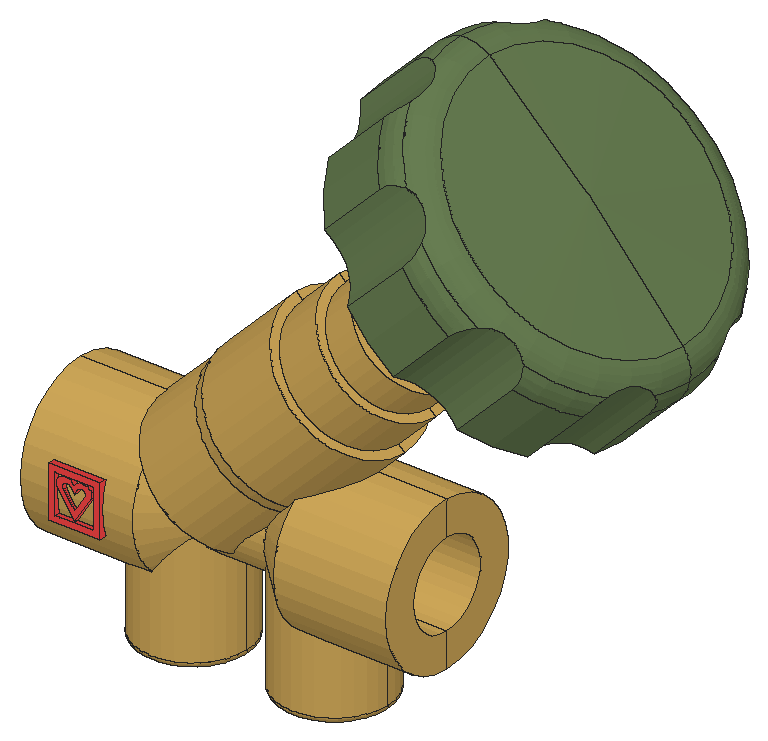
Revit family "HERZ Strömax 4125 WD", category Rohrzubehör, Revit 2018
Family settings
  Bemaßung runder Anschluss = Durchmesser verwenden
  Teiletyp = Unterbricht
  OmniClass-Nummer = 23.65.55.14
  OmniClass-Titel = Valves for Liquid Services
  Arbeitsebenenbasiert = Nein
  Immer vertikal = Ja
  Beim Laden mit Abzugskörper schneiden = Nein
  Gemeinsam genutzt = Nein
Parameters
  W01 = 45.00°  # constant formula
  URL = "www.herzvalves.com"
  Technically possible use = " "  # constant formula
  Spindle = "forged brass CW617N"  # constant formula
  SW01 = 60.00°  # constant formula
  SC_NennweiteBerechnet = 0
  SC_Dimension = ""
  SCTWSEQ = "FW_SBT_TYP_FW=\"109\";2"
  SCTWCODE = "04;00;02"  # constant formula
  S03 = 60 mm  # constant formula
  S02 [instance] = L06 + L09 + L12 + L15  # 77.9 mm
  S01 [instance] = R01 * 2  # 27 mm
  R12 [instance] = R01 - 1 mm  # 12.5 mm
  R11 [instance] = size_lookup("4125WD_", "R11", 46.5 mm, Nennweite)  # 5.1 mm
  R100 = 1 mm  # constant formula
  R10 [instance] = size_lookup("4125WD_", "R10", 46.5 mm, Nennweite)  # 8 mm
  R09 [instance] = size_lookup("4125WD_", "R9", 46.5 mm, Nennweite)  # 10.5 mm
  R08 [instance] = size_lookup("4125WD_", "R8", 46.5 mm, Nennweite)  # 12 mm
  R07 [instance] = size_lookup("4125WD_", "R7", 46.5 mm, Nennweite)  # 13.5 mm
  R06 [instance] = size_lookup("4125WD_", "R6", 43 mm, Nennweite)  # 13 mm
  R05 [instance] = Nennweite / 2  # 7.5 mm
  R03 = 9.5 mm  # constant formula
  R02 [instance] = Nennweite / 2  # 7.5 mm
  R01 [instance] = size_lookup("4125WD_", "R1", 11.5 mm, Nennweite)  # 13.5 mm
  Upper part = "DZR brass CW626N"  # constant formula
  Part number [instance] = size_lookup("4125WD_", "Artnr", 0, Nennweite)  # 2412561
  Note = "Pursuant to Article 33 of the REACH Regulation (EC No. 1907/2006), we are obliged to point out that the material lead is listed on the SVHC list and that all brass components manufactured in our products exceed 0.1% (w / w) lead (CAS: 7439-92-1 / EINECS: 231-100-4).\r\nSince lead is a component part of an alloy, actual exposure is not possible and therefore no additional information on safe use is necessary."
  Nennweite [instance] = 15 mm
  Min. flow at Dp 10 kPa [instance] = if(Nennweite = 15 mm, 0.5 L/s, if(Nennweite = 20 mm, 1.0 L/s, if(Nennweite = 25 mm, 1.75 L/s, if(Nennweite = 32 mm, 3.0 L/s, if(Nennweite = 40 mm, 4.0 L/s, if(Nennweite = 50 mm, 6.75 L/s, if(Nennweite = 65 mm, 11.0 L/s, if(Nennweite = 80 mm, 16.0 L/s, 0.0 L/s))))))))  # 0.5 L/s
  Medium = "Water"  # constant formula
  Max. service temperature (ÖVGW) = 65 °C  # constant formula
  Max. operating temperature = 80 °C  # constant formula
  Max. operating pressure = 2000000.0 Pa  # constant formula
  Max. differential pressure on closed seat = 1000000.0 Pa  # constant formula
  Max. operating pressure (ÖVGW) = 1000000.0 Pa  # constant formula
  L16 [instance] = L01 / 2  # 10 mm
  L15 [instance] = size_lookup("4125WD_", "L15", 12.4 mm, Nennweite)  # 12.4 mm
  L14 [instance] = size_lookup("4125WD_", "L14", 81 mm, Nennweite)  # 6 mm
  L12 [instance] = size_lookup("4125WD_", "L12", 81 mm, Nennweite)  # 26 mm
  L11 [instance] = size_lookup("4125WD_", "L11", 60 mm, Nennweite)  # 6.7 mm
  L10 [instance] = size_lookup("4125WD_", "L10", 20 mm, Nennweite)  # 9.3 mm
  L09 [instance] = size_lookup("4125WD_", "L9", 11 mm, Nennweite)  # 17 mm
  L08 [instance] = size_lookup("4125WD_", "L8", 35 mm, Nennweite)  # 20 mm
  L07 [instance] = size_lookup("4125WD_", "L7", 35 mm, Nennweite)  # 12.5 mm
  L06 [instance] = size_lookup("4125WD_", "L6", 118 mm, Nennweite) - L09  # 22.5 mm
  L03 = 15 mm  # constant formula
  L02 [instance] = size_lookup("4125WD_", "L2", 22 mm, Nennweite)  # 6 mm
  L01 [instance] = size_lookup("4125WD_", "L1", 48 mm, Nennweite)  # 20 mm
  L00 [instance] = size_lookup("4125WD_", "L", 180 mm, Nennweite)  # 65 mm
  Plug = "DZR brass CW626N"  # constant formula
  Hersteller = "HERZ Armaturen Ges.m.b.H."  # constant formula
  Hand wheel = "plastic, green"  # constant formula
  H01 [instance] = size_lookup("4125WD_", "H1", 53 mm, Nennweite)  # 24 mm
  Occasional temperature rises = "up to 95°C, if they do not last longer than 1 h"  # constant formula
  Seals = "EPDM"  # constant formula
  DN80 [instance] = Nennweite = 80 mm  # no
  DN65 [instance] = Nennweite = 65 mm  # no
  DN50 [instance] = Nennweite = 50 mm  # no
  DN40 [instance] = Nennweite = 40 mm  # no
  DN32 [instance] = Nennweite = 32 mm  # no
  DN25 [instance] = Nennweite = 25 mm  # no
  DN20 [instance] = Nennweite = 20 mm  # no
  DN15 [instance] = Nennweite = 15 mm  # yes
  Body = "DZR brass CC770S"  # constant formula
  Application = "For shutting off drinking water pipes in buildings."
Reference planes
  plane 1 "Mitte (Vorne/hinten)": y = 0
  plane 2: z = 0
  plane 3 "Mitte (Links/rechts)": x = 0
Forms (mm)
  Revolve 1, solid, material "Messing, weicher Gelbton, geschweißt", detail levels fine
    sketch origin (470, 0, 0) x (1, 0, 0) y (0, 0, 1)
      loop
        line (-502.5, 7.5) -> (-487.5, 7.5) -> (-487.5, 0) -> (-452.5, 0) -> (-452.5, 7.5) -> (-437.5, 7.5) -> (-437.5, 13.5) -> (-457.5, 13.5) -> (-464, 7.5) -> (-476, 7.5) -> (-482.5, 13.5) -> (-502.5, 13.5) -> (-502.5, 7.5)
      axis (-502.5, 0) -> (-437.5, 0)
    angle from 0 to 360
  Revolve 2, solid, material "Messing, weicher Gelbton, geschweißt", detail levels fine
    sketch origin (470, 0, 0) x (1, 0, 0) y (0, 0, 1)
      loop
        line (-492, 0) -> (-492, -23)
        arc (-492, -23) -> (-491.707, -23.707) -> (-491, -24) r 1
        line (-491, -24) -> (-482.5, -24) -> (-482.5, 0) -> (-492, 0)
      axis (-482.5, 0) -> (-482.5, -24)
    angle from 0 to 360
  Revolve 3, solid, material "Messing, weicher Gelbton, geschweißt", detail levels fine
    sketch origin (-470, 0, 0) x (-1, 0, 0) y (0, 0, 1)
      loop
        line (-492, 0) -> (-492, -23)
        arc (-492, -23) -> (-491.707, -23.707) -> (-491, -24) r 1
        line (-491, -24) -> (-482.5, -24) -> (-482.5, 0) -> (-492, 0)
      axis (-482.5, 0) -> (-482.5, -24)
    angle from 0 to 360
  Revolve 4, solid, material "Messing, weicher Gelbton, geschweißt", detail levels fine
    sketch origin (0.32, 0, -0.105) x (1, 0, 0) y (0, 0, 1)
      loop
        line (-12.82, 0) -> (42.264, 55.084) -> (38.657, 58.69) -> (29.889, 49.922) -> (27.839, 51.972) -> (20.767, 44.901) -> (19, 46.669) -> (14.262, 41.931) -> (13.201, 42.992) -> (6.625, 36.416) -> (5.565, 37.477) -> (-6.456, 25.456) -> (-7.87, 23.335) -> (-17.77, 13.435) -> (-18.123, 5.303) -> (-12.82, 0)
      axis (-12.82, 0) -> (42.264, 55.084)
    angle from 0 to 360
Lines and regions (mm)
  model lines, detail levels coarse+medium
    curve 1: line (-32.5, 0, 13.5) -> (-32.5, 0, -13.5)
    curve 2: line (-32.5, 0, -13.5) -> (32.5, 0, 13.5)
    curve 3: line (32.5, 0, 13.5) -> (32.5, 0, -13.5)
    curve 4: line (32.5, 0, -13.5) -> (-32.5, 0, 13.5)
    curve 5: line (0, 0, 0) -> (38.95, 0, 67.463)
    curve 6: line (12.969, 0, 82.463) -> (64.931, 0, 52.463)
    curve 7: line (-32.5, 13.5, 0) -> (-32.5, -13.5, 0)
    curve 8: line (-32.5, -13.5, 0) -> (32.5, 13.5, 0)
    curve 9: line (32.5, 13.5, 0) -> (32.5, -13.5, 0)
    curve 10: line (32.5, -13.5, 0) -> (-32.5, 13.5, 0)
    curve 11: line (0, 0, 0) -> (38.95, 67.463, 0)
    curve 12: line (12.969, 82.463, 0) -> (64.931, 52.463, 0)
Dimensions and locks
  "H01": plane 2 to Revolve 2 sketch curve
  "L00": Revolve 1 sketch curve to Revolve 1 sketch curve
  equal spacing: Revolve 1 sketch curve, plane 3 "Mitte (Links/rechts)", Revolve 1 sketch curve
  "R01": Revolve 1 sketch curve to Revolve 1 sketch curve  (x2)
  "R02": Revolve 1 sketch curve to Revolve 1 sketch curve  (x3)
  "L01": Revolve 1 sketch curve to Revolve 1 sketch curve  (x2)
  "L02": plane 3 "Mitte (Links/rechts)" to Revolve 1 sketch curve
  "L02": Revolve 1 sketch curve to plane 3 "Mitte (Links/rechts)"
  "L03": Revolve 1 sketch curve to Revolve 1 sketch curve  (x2)
  "L01": Revolve 1 to Revolve 2 sketch curve
  "R03": Revolve 2 sketch curve to Revolve 2 sketch curve
  "L01": Revolve 3 sketch curve to Revolve 1
  "R03": Revolve 3 sketch curve to Revolve 3 sketch curve
  "H01": plane 2 to Revolve 3 sketch curve
  "R07": Revolve 4 sketch curve to Revolve 4 sketch curve
  "L07": plane 3 "Mitte (Links/rechts)" to Revolve 4 sketch curve
  "R05": Revolve 4 sketch curve to Revolve 4 sketch curve
  "L06": Revolve 4 sketch curve to Revolve 4 sketch curve
  "L08": Revolve 4 sketch curve to Revolve 4 sketch curve
  "R06": Revolve 4 sketch curve to Revolve 4 sketch curve
  "L14": Revolve 4 sketch curve to Revolve 4 sketch curve
  "L09": Revolve 4 sketch curve to Revolve 4 sketch curve
  "R08": Revolve 4 sketch curve to Revolve 4 sketch curve
  "L10": Revolve 4 sketch curve to Revolve 4 sketch curve
  "R09": Revolve 4 sketch curve to Revolve 4 sketch curve
  "R10": Revolve 4 sketch curve to Revolve 4 sketch curve
  "L12": Revolve 4 sketch curve to Revolve 4 sketch curve
  "R11": Revolve 4 sketch curve to Revolve 4 sketch curve
  "L15": Revolve 4 sketch curve to Revolve 4 sketch curve
  "L11": Revolve 4 sketch curve to Revolve 4 sketch curve
  "R12": nested 9 to plane 1 "Mitte (Vorne/hinten)"
  "L16": Revolve 1 to nested 9
  equal spacing: curve 1, plane 3 "Mitte (Links/rechts)", curve 3
  "L00": curve 1 to curve 3
  equal spacing: curve 4, plane 2, curve 2
  "S01": curve 4 to curve 2
  equal spacing: curve 3, plane 2, curve 4
  "S01": curve 3 to curve 4
  "S02": curve 5 to curve 5
  equal spacing: curve 6, curve 5, curve 6
  "S03": curve 6 to curve 6
  equal spacing: curve 7, plane 3 "Mitte (Links/rechts)", curve 9
  "L00": curve 7 to curve 9
  equal spacing: curve 8, plane 1 "Mitte (Vorne/hinten)", curve 10
  "S01": curve 10 to curve 8
  equal spacing: curve 10, plane 1 "Mitte (Vorne/hinten)", curve 9
  "S01": curve 9 to curve 10
  "S02": curve 11 to curve 11
  equal spacing: curve 12, curve 11, curve 12
  "S03": curve 12 to curve 12
  "R100": radius of Revolve 2 sketch curve
  "R100": radius of Revolve 3 sketch curve
  "W01": angle plane 2 to Revolve 4 sketch curve
  "W01": angle level to Revolve 4 sketch curve
  "SW01": angle plane 2 to curve 5
  "SW01": angle plane 1 "Mitte (Vorne/hinten)" to curve 11
  aligned and locked: level to plane 2
Automatic sketch dimensions
  curve 5 to level = 0 mm
  plane 1 "Mitte (Vorne/hinten)" to curve 11 = 0 mm
  Revolve 1 sketch curve to level = 0 mm  (x2)
  Revolve 1 sketch curve to Revolve 1 sketch curve = 791.99 mm
  Revolve 1 sketch curve to Revolve 1 sketch curve = 2278.983 mm
  Revolve 2 sketch curve to level = 0 mm  (x2)
  Revolve 2 sketch curve to Revolve 2 sketch curve = 0 mm
  Revolve 2 sketch curve to Revolve 2 sketch curve = 0.292 mm
  Revolve 3 sketch curve to level = 0 mm  (x2)
  Revolve 3 sketch curve to Revolve 3 sketch curve = 0 mm
  Revolve 3 sketch curve to Revolve 3 sketch curve = 0.292 mm
  Revolve 4 sketch curve to level = 0.105 mm
  Revolve 4 sketch curve to Revolve 4 sketch curve = 0 mm  (x2)
Nested families
  nested 1: "Strömax-Handrad_Schrägsitz (Grün)" at (42.584, 0, 54.979), visible <- "DN15", type "Strömax-Handrad_Schrägsitz (Grün)", detail levels fine
    with Nennweite 0 mm, Gewicht 0.00 kg, Bestellnummer 0
  nested 2: "Strömax-Handrad_Schrägsitz (Grün)" at (54.312, 0, 67.707), visible <- "DN20", type "Strömax-Handrad_Schrägsitz (Grün)", detail levels fine
    with Nennweite 0 mm, Gewicht 0.00 kg, Bestellnummer 0
  nested 3: "Strömax-Handrad_Schrägsitz (Grün)" at (62.469, 0, 80.364), visible <- "DN25", type "Strömax-Handrad_Schrägsitz (Grün)", detail levels fine
    with Nennweite 0 mm, Gewicht 0.00 kg, Bestellnummer 0
  nested 4: "Strömax-Handrad_Schrägsitz (Grün)" at (71.712, 0, 91.607), visible <- "DN32", type "Strömax-Handrad_Schrägsitz (Grün)", detail levels fine
    with Nennweite 0 mm, Gewicht 0.00 kg, Bestellnummer 0
  nested 5: "Strömax-Handrad_Schrägsitz (Grün)" at (80.399, 0, 101.294), visible <- "DN40", type "Strömax-Handrad_Schrägsitz (Grün)", detail levels fine
    with Nennweite 0 mm, Gewicht 0.00 kg, Bestellnummer 0
  nested 6: "Strömax-Handrad_Schrägsitz (Grün)" at (97.83, 0, 129.225), visible <- "DN50", type "Strömax-Handrad_Schrägsitz (Grün)", detail levels fine
    with Nennweite 0 mm, Gewicht 0.00 kg, Bestellnummer 0
  nested 7: "Strömax-Handrad_Schrägsitz (Grün)" at (114.482, 0, 149.378), visible <- "DN65", type "Strömax-Handrad_Schrägsitz (Grün)", detail levels fine
    with Nennweite 0 mm, Gewicht 0.00 kg, Bestellnummer 0
  nested 8: "Strömax-Handrad_Schrägsitz (Grün)" at (140.423, 0, 183.319), visible <- "DN80", type "Strömax-Handrad_Schrägsitz (Grün)", detail levels fine
    with Nennweite 0 mm, Gewicht 0.00 kg, Bestellnummer 0
  nested 9: "Herz-Logo-vorne" at (-22.5, -13.232, 0) x (0, 1, 0) z (0, 0, 1), type "Herz-Logo-vorne", detail levels fine
Connectors
  piping at (-17.5, 0, 0), diameter 15, driven by "Nennweite"
    settings: on Revolve 1, index 1, connector inside diameter 609.6 mm, connector length 0 mm, flow factor 0, pipe flow 0.0 L/s, pressure drop 0.0 Pa, fitting loss kfactor 0, connector angle 0.00°, fixture units 0, engagement length 0 mm, angle of deflection 0.00°, flow configuration 0, flow direction 1, fitting loss method 0, system type 29, joint type 0, gender type 0, connector reference index -1, connector utility 0, adjustable connector no, is connector primary yes, connector description ""
  piping at (17.5, 0, 0), diameter 15, driven by "Nennweite"
    settings: on Revolve 1, index 2, connector inside diameter 609.6 mm, connector length 0 mm, flow factor 0, pipe flow 0.0 L/s, pressure drop 0.0 Pa, fitting loss kfactor 0, connector angle 0.00°, fixture units 0, engagement length 0 mm, angle of deflection 0.00°, flow configuration 0, flow direction 2, fitting loss method 0, system type 29, joint type 0, gender type 0, connector reference index -1, connector utility 0, adjustable connector no, is connector primary no, connector description ""
Definition of nested family "Strömax-Handrad_Schrägsitz (Grün)"
  Parameters (values of type "Strömax-Handrad_Schrägsitz (Grün)")
    URL = "www.herz-armaturen.at"
    Nennweite [instance] = 0 mm
    Manufacturer = "Herz Armaturen GmbH"  # constant formula
    Gewicht [instance] = 0.00 kg
    Bestellnummer [instance] = 0
  Reference planes
    plane 1 "Mitte (Vorne/hinten)": y = 0
    plane 2: z = 0
    plane 3 "Mitte (Links/rechts)": x = 0
  Forms (mm)
    Revolve 1, solid
      sketch origin (0, 0, 0) x (0.707107, 0, -0.707107) y (0.707107, 0, 0.707107)
        loop
          line (0, 0) -> (0, 22)
          arc (0, 22) -> (-12.15, 21.705) -> (-24.271, 20.819) r 250
          arc (-24.271, 20.819) -> (-26.831, 19.959) -> (-28.754, 18.063) r 6
          arc (-28.754, 18.063) -> (-29.682, 16.008) -> (-30, 13.776) r 8
          line (-30, 13.776) -> (-30, 0) -> (0, 0)
        axis (0, 22) -> (0, 0)
      angle from 0 to 360
    Extrusion 2, void
      sketch origin (0, 0, 0) x (0.707107, 0, -0.707107) y (0, 1, 0)
        loop
          circle (14.351, -34.645) r 10
      from 0 to 22
    Extrusion 3, void
      sketch origin (0, 0, 0) x (-0.707107, 0, 0.707107) y (0, -1, 0)
        loop
          circle (14.351, 34.645) r 10
      from 0 to 22
    Extrusion 4, void
      sketch origin (0, 0, 0) x (0, -1, 0) y (0.707107, 0, -0.707107)
        loop
          circle (14.351, 34.645) r 10
      from 0 to 22
    Extrusion 5, void
      sketch origin (0, 0, 0) x (0, 1, 0) y (-0.707107, 0, 0.707107)
        loop
          circle (14.351, -34.645) r 10
      from 0 to 22
    Extrusion 6, void
      sketch origin (0, 0, 0) x (0, -1, 0) y (0.707107, 0, -0.707107)
        loop
          circle (14.351, -34.645) r 10
      from 0 to 22
    Extrusion 7, void
      sketch origin (0, 0, 0) x (0, 1, 0) y (-0.707107, 0, 0.707107)
        loop
          circle (14.351, 34.645) r 10
      from 0 to 22
    Extrusion 8, void
      sketch origin (0, 0, 0) x (0.707107, 0, -0.707107) y (0, 1, 0)
        loop
          circle (14.351, 34.645) r 10
      from 0 to 22
    Extrusion 9, void
      sketch origin (0, 0, 0) x (-0.707107, 0, 0.707107) y (0, -1, 0)
        loop
          circle (14.351, -34.645) r 10
      from 0 to 22
  Cuts and joins
    Extrusion 2, Extrusion 3, Extrusion 4, Extrusion 5, Extrusion 6, Extrusion 7, Extrusion 8, Extrusion 9 cuts Revolve 1
  Dimensions and locks
    aligned and locked: level to plane 2
Definition of nested family "Herz-Logo-vorne"
  Reference planes
    plane 1 "Mitte (Vorne/hinten)": y = 0
    plane 2: z = 0
    plane 3 "Mitte (Links/rechts)": x = 0
  Forms (mm)
    Extrusion 1, solid
      sketch origin (0.732, -0.018, 0.017) x (0, -1, 0) y (0, 0, 1)
        loop
          line (-0.018, -4.517) -> (4.482, -4.517) -> (4.482, 4.483) -> (-4.518, 4.483) -> (-4.518, -4.517) -> (-0.018, -4.517)
        loop
          line (-0.05, -3.48) -> (3.482, -3.48) -> (3.482, 3.483) -> (-3.518, 3.483) -> (-3.518, -3.48) -> (-0.05, -3.48)
        loop
          arc (-0.018, 2.383) -> (-1.543, 3.287) -> (-3.067, 2.383) r 1.738
          arc (-3.067, 2.383) -> (-3.191, 1.899) -> (-3.067, 1.415) r 1.009
          line (-3.067, 1.415) -> (-0.018, -3.281) -> (3.032, 1.415)
          arc (3.032, 1.415) -> (3.156, 1.899) -> (3.032, 2.383) r 1.009
          arc (3.032, 2.383) -> (1.507, 3.287) -> (-0.018, 2.383) r 1.738
        loop
          arc (1.885, 1.272) -> (2.005, 1.675) -> (1.885, 2.079) r 0.74
          arc (1.885, 2.079) -> (1.265, 2.416) -> (0.644, 2.079) r 0.74
          line (0.644, 2.079) -> (-0.018, 0.97) -> (-0.679, 2.079)
          arc (-0.679, 2.079) -> (-1.3, 2.416) -> (-1.921, 2.079) r 0.74
          arc (-1.921, 2.079) -> (-2.04, 1.675) -> (-1.921, 1.272) r 0.74
          line (-1.921, 1.272) -> (-0.018, -1.658) -> (1.885, 1.272)
      from 0 to 1.5
  Dimensions and locks
    aligned and locked: level to plane 2
